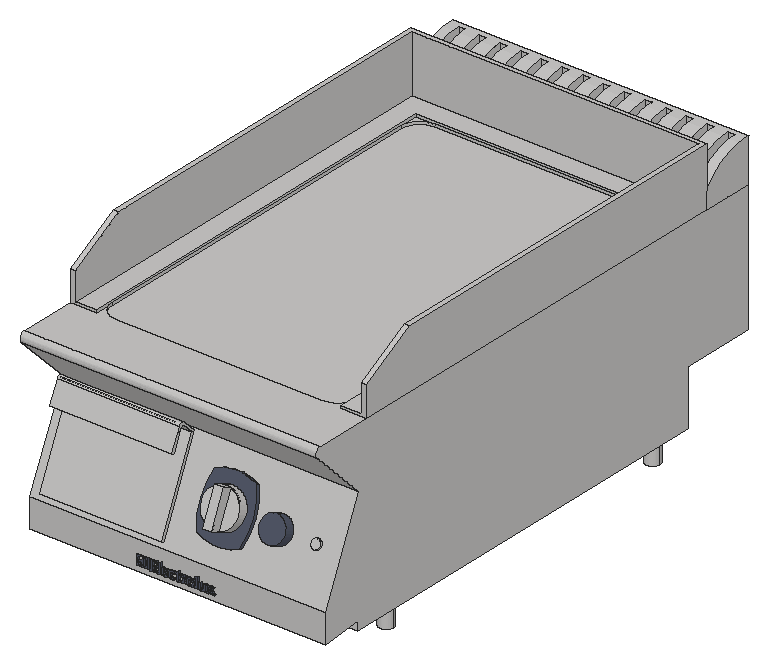
Revit family "QF_ELECTROLUXPROFESSIONAL_Professional_371323_E7IILAAOMCA", category Specialty Equipment, Revit 2018 (continued)
Automatic sketch dimensions
  Extrusion 23 sketch curve to Extrusion 23 sketch curve = 9.296 mm
  Extrusion 23 sketch curve to Extrusion 23 sketch curve = 57.15 mm
  Sweep 24 sketch curve to plane 4 "RIGHT" = 35.025 mm
  plane 3 "LEFT" to Sweep 24 sketch curve = 35.025 mm
  Sweep 24 sketch curve to plane 12 = 42.753 mm
  plane 11 to Sweep 24 sketch curve = 47 mm  (x2)
  Sweep 24 sketch curve to plane 10 "TOP A" = 0 mm
  profile plane to Sweep 24 sketch curve = 0 mm
  profile plane to Sweep 24 sketch curve = 28.675 mm
  Sweep 24 sketch curve to Sweep 24 sketch curve = 6.35 mm
  plane 10 "TOP A" to Sweep 24 sketch curve = 3.175 mm
  Extrusion 25 sketch curve to Sweep 24 = 0 mm  (x2)
  Extrusion 25 sketch curve to Extrusion 25 sketch curve = 73.03 mm
  Extrusion 25 sketch curve to Sweep 24 = 40.481 mm
  Sweep 24 to Extrusion 26 sketch curve = 0 mm
  Extrusion 26 sketch curve to Sweep 24 = 0 mm
  Extrusion 26 sketch curve to Extrusion 26 sketch curve = 73.03 mm
  Extrusion 26 sketch curve to Sweep 24 = 40.481 mm
  plane 11 to curve 8 = 21.6 mm
  curve 10 to curve 11 = 25.4 mm
  curve 17 to curve 77 = 0 mm
  curve 76 to curve 77 = 25.4 mm
  curve 15 to curve 15 = 25.4 mm
  plane 7 "Center Y" to Extrusion 27 sketch curve = 17.271 mm
  Extrusion 27 sketch curve to Extrusion 27 sketch curve = 0 mm
  Extrusion 27 sketch curve to Extrusion 27 sketch curve = 12.3 mm  (x3)
  Extrusion 27 sketch curve to Extrusion 27 sketch curve = 34.925 mm  (x2)
  Extrusion 27 sketch curve to plane 7 "Center Y" = 8.456 mm
  Extrusion 27 sketch curve to Extrusion 27 sketch curve = 46.691 mm
  plane 7 "Center Y" to Extrusion 27 sketch curve = 17.889 mm
  Extrusion 27 sketch curve to Extrusion 27 sketch curve = 25.114 mm
  Extrusion 29 sketch curve to Extrusion 29 sketch curve = 24.732 mm
  Extrusion 29 sketch curve to Extrusion 29 sketch curve = 0 mm
  curve 14 to plane 5 "FRONT" = 0 mm
  Extrusion 30 sketch curve to Extrusion 1 = 65.471 mm
  Extrusion 1 to Extrusion 30 sketch curve = 84.881 mm
  Extrusion 31 sketch curve to Extrusion 1 = 65.471 mm
  Extrusion 1 to Extrusion 31 sketch curve = 34.081 mm
  Extrusion 1 sketch curve to plane 10 "TOP A" = 0 mm
  Extrusion 1 sketch curve to plane 9 "BASE" = 0 mm
  Extrusion 1 sketch curve to plane 1 "BACK" = 0 mm
  Extrusion 1 sketch curve to plane 12 = 46.038 mm
  plane 11 to Extrusion 1 sketch curve = 59.531 mm
  plane 9 "BASE" to Extrusion 1 sketch curve = 12.7 mm
  plane 11 to Extrusion 1 sketch curve = 62.516 mm
  Extrusion 1 sketch curve to plane 5 "FRONT" = 16.478 mm
  Extrusion 1 sketch curve to plane 5 "FRONT" = 7.366 mm
  Extrusion 1 sketch curve to plane 5 "FRONT" = 2.175 mm
  plane 9 "BASE" to Extrusion 1 sketch curve = 7.09 mm
  Extrusion 1 sketch curve to Extrusion 1 sketch curve = 38.1 mm
  plane 9 "BASE" to Extrusion 1 sketch curve = 74.612 mm
  Extrusion 1 sketch curve to plane 10 "TOP A" = 83.191 mm
  Extrusion 1 sketch curve to plane 10 "TOP A" = 12.532 mm
  plane 5 "FRONT" to curve 80 = 0 mm
  plane 5 "FRONT" to curve 79 = 0 mm
  plane 3 "LEFT" to curve 80 = 12.7 mm
  curve 79 to plane 7 "Center Y" = 22.225 mm
  plane 5 "FRONT" to curve 78 = 52.387 mm
  radius of Extrusion 3 sketch curve = 9.525 mm  (x4)
  radius of Extrusion 5 sketch curve = 6.35 mm
  radius of Extrusion 28 sketch curve = 25.4 mm
  radius of Extrusion 29 sketch curve to Extrusion 28 = 0 mm  (x2)
  radius of Extrusion 30 sketch curve = 17.78 mm
  radius of Extrusion 31 sketch curve = 6.35 mm
Connectors
  piping at (347.663, -98.425, 57.718), diameter 12.7
    settings: on Extrusion 5, index 1, connector inside diameter 1/2", connector length 0 mm, flow factor 0, pipe flow 0 GPM, pressure drop 0.00 psi, fitting loss kfactor 0, connector angle 0.00°, fixture units 0, engagement length 0 mm, angle of deflection 0.00°, flow configuration 1, flow direction 1, fitting loss method 0, system type 7, joint type 0, gender type 0, connector reference index -1, connector utility 0, adjustable connector no, is connector primary yes, connector description "Gas Connection"
